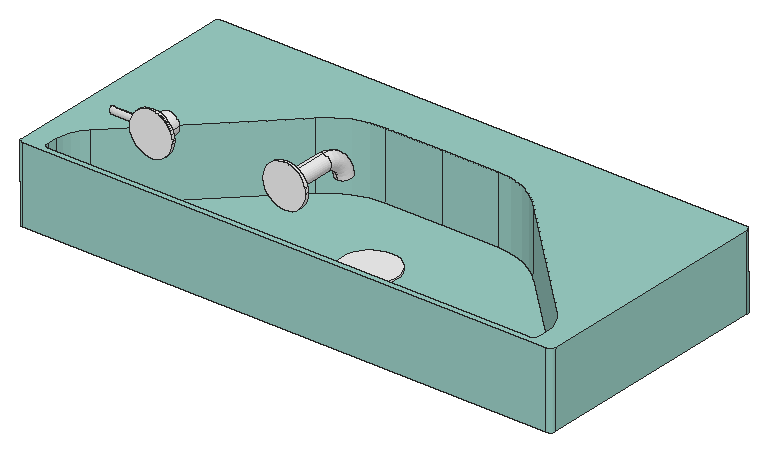
Revit family
Parameters (values of type "1000mm x 467mm")
  Robinetterie et tuyauterie = Métal - Chrome
  Manufacturer = ""
  Lavabos = Porcelaine - Bleue
  Hauteur = 800 mm
Reference planes
  plane 1 "Mur": y = 0
  plane 2 "Centre (gauche/droite)": x = 12.455
  plane 3 "Arrière": y = 75
  plane 4 "Plan de construction": z = 800
  plane 5: x = -487.545
  plane 6: x = 512.455
  plane 7: z = 1040
  plane 8: y = 275
  plane 9: x = -237.545
  plane 10: x = 262.455
Forms (mm)
  Extrusion 1, solid, material "Porcelaine - Bleue" <- "Lavabos"
    sketch origin (0, 0, 800) x (0, 1, 0) y (-1, 0, 0)
      loop
        line (75, 477.545) -> (75, -502.455)
        arc (75, -502.455) -> (77.929, -509.526) -> (85, -512.455) r 10
        line (85, -512.455) -> (531.985, -512.455)
        arc (531.985, -512.455) -> (539.056, -509.526) -> (541.985, -502.455) r 10
        line (541.985, -502.455) -> (541.985, 477.545)
        arc (541.985, 477.545) -> (539.056, 484.616) -> (531.985, 487.545) r 10
        line (531.985, 487.545) -> (85, 487.545)
        arc (85, 487.545) -> (77.929, 484.616) -> (75, 477.545) r 10
      loop
        line (85, 437.545) -> (85, -462.455)
        arc (85, -462.455) -> (87.929, -469.526) -> (95, -472.455) r 10
        line (95, -472.455) -> (113.934, -472.455)
        arc (113.934, -472.455) -> (142.635, -466.746) -> (166.967, -450.488) r 75
        line (166.967, -450.488) -> (400.98, -216.475)
        arc (400.98, -216.475) -> (431.328, -171.056) -> (441.985, -117.48) r 140
        line (441.985, -117.48) -> (441.985, -12.455) -> (441.985, 92.57)
        arc (441.985, 92.57) -> (431.328, 146.146) -> (400.98, 191.565) r 140
        line (400.98, 191.565) -> (166.967, 425.578)
        arc (166.967, 425.578) -> (142.635, 441.836) -> (113.934, 447.545) r 75
        line (113.934, 447.545) -> (95, 447.545)
        arc (95, 447.545) -> (87.929, 444.616) -> (85, 437.545) r 10
    from 0 to 140
  Extrusion 2, solid, material "Porcelaine - Bleue" <- "Lavabos"
    sketch origin (0, 0, 800) x (0, 1, 0) y (-1, 0, 0)
      loop
        line (538.131, 477.545) -> (85, 477.545) -> (85, -502.455) -> (538.131, -502.455) -> (538.131, 477.545)
    from 0 to 13.572
  Extrusion 3, solid, material "Métal - Chrome" <- "Robinetterie et tuyauterie"
    sketch origin (0, 0, 813.572) x (0, 1, 0) y (-1, 0, 0)
      loop
        circle (275, -12.455) r 50
    from 0 to 3
  Extrusion 4, solid, material "Métal - Chrome" <- "Robinetterie et tuyauterie"
    sketch origin (-5000, 75, 0) x (-1, 0, 0) y (0, 0, 1)
      loop
        circle (-5012.455, 1040) r 40
    from 0 to 5
  Sweep 5, solid, material "Métal - Chrome" <- "Robinetterie et tuyauterie"
    path origin (12.455, 0, 0) x (0, 1, 0) y (0, 0, 1)
      loop
        line (80, 1040) -> (165, 1040)
        arc (165, 1040) -> (197.121, 1028.383) -> (214.381, 998.908) r 50.217
    profile origin (12.455, 122.5, 1040) x (0, 0, 1) y (1, 0, 0)
      loop
        circle (0, 0) r 15
  Extrusion 6, solid, material "Métal - Chrome" <- "Robinetterie et tuyauterie"
    sketch origin (-5000, 75, 0) x (-1, 0, 0) y (0, 0, 1)
      loop
        circle (-4762.455, 1040) r 40
    from 0 to 5
  Extrusion 7, solid, material "Métal - Chrome" <- "Robinetterie et tuyauterie"
    sketch origin (-5000, 80, 0) x (-1, 0, 0) y (0, 0, 1)
      loop
        circle (-4762.455, 1040) r 20
    from 0 to 36.076
  Sweep 8, solid, material "Métal - Chrome" <- "Robinetterie et tuyauterie"
    path origin (-5000, 75, 0) x (-1, 0, 0) y (0, 0, 1)
      loop
        line (-4762.455, 1040) -> (-4672.455, 1040)
    profile origin (-282.545, 75, 1040) x (0, 0, 1) y (0, 1, 0)
      loop
        spline (-7.06, 20) -> (-6.819, 19.167) -> (-6.114, 18.391) -> (-4.992, 17.725) -> (-3.53, 17.213) -> (-1.827, 16.892) -> (0, 16.782) -> (1.827, 16.892) -> (3.53, 17.213) -> (4.992, 17.725) -> (6.114, 18.391) -> (6.819, 19.167) -> (7.06, 20)
        spline (7.06, 20) -> (6.819, 20.833) -> (6.114, 21.609) -> (4.992, 22.275) -> (3.53, 22.787) -> (1.827, 23.108) -> (0, 23.218) -> (-1.827, 23.108) -> (-3.53, 22.787) -> (-4.992, 22.275) -> (-6.114, 21.609) -> (-6.819, 20.833) -> (-7.06, 20)
Cuts and joins
  joined: Extrusion 6, Extrusion 7, Sweep 8
  joined: Extrusion 1, Extrusion 2
Lines and regions (mm)
  Masking region 1
    outline origin (0, 0, 800) x (0, 1, 0) y (-1, 0, 0)
      loop
        line (531.985, 487.545) -> (85, 487.545)
        arc (85, 487.545) -> (77.929, 484.616) -> (75, 477.545) r 10
        line (75, 477.545) -> (75, -502.455)
        arc (75, -502.455) -> (77.929, -509.526) -> (85, -512.455) r 10
        line (85, -512.455) -> (531.985, -512.455)
        arc (531.985, -512.455) -> (539.056, -509.526) -> (541.985, -502.455) r 10
        line (541.985, -502.455) -> (541.985, 477.545)
        arc (541.985, 477.545) -> (539.056, 484.616) -> (531.985, 487.545) r 10
  symbolic lines
    curve 1: arc (12.455, 325, 800) -> (-37.322, 279.713, 800) -> (3.071, 225.888, 800) r 50
    curve 2: arc (21.839, 225.888, 800) -> (62.232, 279.713, 800) -> (12.455, 325, 800) r 50
    curve 3: line (462.455, 85, 800) -> (27.455, 85, 800)
    curve 4: arc (-437.545, 85, 800) -> (-444.616, 87.929, 800) -> (-447.545, 95, 800) r 10
    curve 5: line (-447.545, 95, 800) -> (-447.545, 113.934, 800)
    curve 6: arc (-447.545, 113.934, 800) -> (-441.836, 142.635, 800) -> (-425.578, 166.967, 800) r 75
    curve 7: line (-425.578, 166.967, 800) -> (-191.565, 400.98, 800)
    curve 8: arc (-191.565, 400.98, 800) -> (-146.146, 431.328, 800) -> (-92.57, 441.985, 800) r 140
    curve 9: line (-92.57, 441.985, 800) -> (12.455, 441.985, 800)
    curve 10: line (12.455, 441.985, 800) -> (117.48, 441.985, 800)
    curve 11: arc (117.48, 441.985, 800) -> (171.056, 431.328, 800) -> (216.475, 400.98, 800) r 140
    curve 12: line (216.475, 400.98, 800) -> (450.488, 166.967, 800)
    curve 13: arc (450.488, 166.967, 800) -> (466.746, 142.635, 800) -> (472.455, 113.934, 800) r 75
    curve 14: line (472.455, 113.934, 800) -> (472.455, 95, 800)
    curve 15: arc (472.455, 95, 800) -> (469.526, 87.929, 800) -> (462.455, 85, 800) r 10
    curve 16: line (-327.545, 91.782, 800) -> (-327.545, 98.218, 800)
    curve 17: line (-257.545, 116.076, 800) -> (-217.545, 116.076, 800)
    curve 18: spline (-2.545, 214.381, 800) -> (-2.034, 218.199, 800) -> (-0.535, 221.756, 800) -> (1.848, 224.811, 800) -> (4.955, 227.155, 800) -> (8.573, 228.629, 800) -> (12.455, 229.131, 800) -> (16.337, 228.629, 800) -> (19.955, 227.155, 800) -> (23.062, 224.811, 800) -> (25.445, 221.756, 800) -> (26.944, 218.199, 800) -> (27.455, 214.381, 800)
    curve 19: line (-277.545, 80, 800) -> (-197.545, 80, 800)
    curve 20: line (-257.545, 116.076, 800) -> (-257.545, 80, 800)
    curve 21: line (-217.545, 116.076, 800) -> (-217.545, 80, 800)
    curve 22: line (-277.545, 80, 800) -> (-277.545, 75, 800)
    curve 23: line (-197.545, 80, 800) -> (-197.545, 75, 800)
    curve 24: line (-327.545, 98.218, 800) -> (-257.545, 98.218, 800)
    curve 25: line (-327.545, 91.782, 800) -> (-257.545, 91.782, 800)
    curve 26: line (-27.545, 80, 800) -> (52.455, 80, 800)
    curve 27: line (-27.545, 80, 800) -> (-27.545, 75, 800)
    curve 28: line (52.455, 80, 800) -> (52.455, 75, 800)
    curve 29: line (-2.545, 214.381, 800) -> (-2.545, 80, 800)
    curve 30: line (27.455, 214.381, 800) -> (27.455, 80, 800)
    curve 31: line (-2.545, 85, 800) -> (-217.545, 85, 800)
    curve 32: line (-257.545, 85, 800) -> (-437.545, 85, 800)
Text (mm)
  text "Côté de la mise en place" at (-1848.837, 1116.779, 0), in view "Niveau de réf."
  text "Côté de la mise en place" at (0, 1409.804, 2854.306), in view "Gauche"
  text "Côté de la mise en place" at (0, 499.811, 2980.732), in view "Droite"
Dimensions and locks
  locked: plane 3 "Arrière" to host wall
  equal spacing: plane 5, plane 2 "Centre (gauche/droite)", plane 6
  plane 5 to plane 6 = 1000 mm
  "Hauteur": level to plane 4 "Plan de construction"
  locked: plane 4 "Plan de construction" to plane 7 at 240
  equal spacing: plane 5, plane 9, plane 2 "Centre (gauche/droite)"
  equal spacing: plane 2 "Centre (gauche/droite)", plane 10, plane 6
  cut or joined group of Extrusion 1, Extrusion 2 to cut or joined group of Extrusion 1, Extrusion 2 = 466.985 mm
  aligned and locked: plane 1 "Mur" to host wall
  aligned and locked: Masking region 1 sketch curve to cut or joined group of Extrusion 1, Extrusion 2  (x4)
  aligned and locked: curve 1 to Extrusion 3
  aligned and locked: curve 2 to Extrusion 3
  aligned and locked: curve 3 to cut or joined group of Extrusion 1, Extrusion 2
  aligned and locked: curve 4 to cut or joined group of Extrusion 1, Extrusion 2
  aligned and locked: curve 5 to cut or joined group of Extrusion 1, Extrusion 2
  aligned and locked: curve 6 to cut or joined group of Extrusion 1, Extrusion 2
  aligned and locked: curve 7 to cut or joined group of Extrusion 1, Extrusion 2
  aligned and locked: curve 8 to cut or joined group of Extrusion 1, Extrusion 2
  aligned and locked: curve 9 to cut or joined group of Extrusion 1, Extrusion 2
  aligned and locked: curve 10 to cut or joined group of Extrusion 1, Extrusion 2
  aligned and locked: curve 11 to cut or joined group of Extrusion 1, Extrusion 2
  aligned and locked: curve 12 to cut or joined group of Extrusion 1, Extrusion 2
  aligned and locked: curve 13 to cut or joined group of Extrusion 1, Extrusion 2
  aligned and locked: curve 14 to cut or joined group of Extrusion 1, Extrusion 2
  aligned and locked: curve 15 to cut or joined group of Extrusion 1, Extrusion 2
  aligned and locked: curve 16 to cut or joined group of Extrusion 6, Extrusion 7, Sweep 8
  aligned and locked: curve 17 to cut or joined group of Extrusion 6, Extrusion 7, Sweep 8
  aligned and locked: curve 19 to cut or joined group of Extrusion 6, Extrusion 7, Sweep 8
  aligned and locked: curve 26 to Extrusion 4
Automatic sketch dimensions
  host wall to Extrusion 2 sketch curve = 10 mm
  plane 5 to Extrusion 2 sketch curve = 10 mm
  Extrusion 2 sketch curve to plane 8 = 263.131 mm
  Extrusion 2 sketch curve to plane 6 = 10 mm
  Extrusion 3 sketch curve to plane 2 "Centre (gauche/droite)" = 0 mm
  Extrusion 3 sketch curve to plane 8 = 0 mm
  Extrusion 4 sketch curve to plane 2 "Centre (gauche/droite)" = 0 mm
  Extrusion 4 sketch curve to plane 7 = 0 mm
  Sweep 5 sketch curve to plane 7 = 0 mm
  Sweep 5 sketch curve to plane 3 "Arrière" = 5 mm
  Sweep 5 sketch curve to plane 3 "Arrière" = 90 mm
  plane 7 to Sweep 5 sketch curve = 41.092 mm
  Sweep 5 sketch curve to Sweep 5 sketch curve = 49.381 mm
  Sweep 5 sketch curve to plane 2 "Centre (gauche/droite)" = 0 mm
  Sweep 5 sketch curve to profile plane = 0 mm
  Extrusion 6 sketch curve to plane 7 = 0 mm
  Extrusion 6 sketch curve to plane 9 = 0 mm
  Extrusion 7 sketch curve to plane 7 = 0 mm
  Extrusion 7 sketch curve to plane 9 = 0 mm
  Sweep 8 sketch curve to plane 7 = 0 mm
  Sweep 8 sketch curve to plane 9 = 0 mm
  Sweep 8 sketch curve to plane 9 = 90 mm
  Sweep 8 sketch curve to profile plane = 0 mm
  profile plane to Sweep 8 sketch curve = 20 mm
  Extrusion 1 sketch curve to host wall = 0 mm
  Extrusion 1 sketch curve to plane 6 = 0 mm
  Extrusion 1 sketch curve to plane 5 = 0 mm
  Extrusion 1 sketch curve to plane 2 "Centre (gauche/droite)" = 0 mm
  host wall to Extrusion 1 sketch curve = 10 mm  (x3)
  Extrusion 1 sketch curve to Extrusion 1 sketch curve = 10 mm  (x3)
  host wall to Extrusion 1 sketch curve = 38.934 mm
  Extrusion 1 sketch curve to Extrusion 1 sketch curve = 18.934 mm
  Extrusion 1 sketch curve to plane 6 = 61.967 mm
  Extrusion 1 sketch curve to Extrusion 1 sketch curve = 53.033 mm  (x3)
  plane 5 to Extrusion 1 sketch curve = 61.967 mm
  Extrusion 1 sketch curve to plane 8 = 26.985 mm  (x2)
  Extrusion 1 sketch curve to plane 10 = 45.98 mm
  Extrusion 1 sketch curve to plane 8 = 125.98 mm  (x2)
  plane 9 to Extrusion 1 sketch curve = 45.98 mm
  plane 2 "Centre (gauche/droite)" to Extrusion 1 sketch curve = 105.025 mm
  Extrusion 1 sketch curve to plane 8 = 256.985 mm  (x2)
  Extrusion 1 sketch curve to Extrusion 1 sketch curve = 30 mm
  curve 22 to host wall = 0 mm
  curve 23 to host wall = 0 mm
  curve 28 to host wall = 0 mm
  curve 27 to host wall = 0 mm
  curve 18 to plane 2 "Centre (gauche/droite)" = 0 mm
  curve 10 to plane 2 "Centre (gauche/droite)" = 0 mm
  host wall to curve 30 = 5 mm
  curve 30 to curve 3 = 5 mm
  curve 29 to curve 31 = 5 mm
  curve 20 to curve 25 = 11.782 mm
  curve 4 to curve 4 = 10 mm
  curve 3 to curve 15 = 10 mm
  curve 25 to curve 24 = 6.436 mm
  host wall to curve 13 = 38.934 mm
  curve 5 to curve 5 = 18.934 mm
  plane 5 to curve 7 = 61.967 mm
  curve 5 to curve 7 = 53.033 mm
  curve 12 to plane 6 = 61.967 mm
  curve 13 to curve 12 = 53.033 mm
  curve 18 to curve 2 = 60.619 mm
  curve 1 to plane 2 "Centre (gauche/droite)" = 9.384 mm
  curve 8 to plane 8 = 26.985 mm
  curve 11 to plane 8 = 26.985 mm
  plane 9 to curve 8 = 45.98 mm
  curve 8 to plane 8 = 125.98 mm
  curve 12 to plane 10 = 45.98 mm
  curve 12 to plane 8 = 125.98 mm
  plane 2 "Centre (gauche/droite)" to curve 11 = 105.025 mm
  curve 3 to plane 6 = 50 mm
  plane 2 "Centre (gauche/droite)" to curve 26 = 40 mm
  plane 2 "Centre (gauche/droite)" to curve 30 = 15 mm
  curve 29 to curve 27 = 25 mm
  plane 9 to curve 23 = 40 mm
  plane 9 to curve 17 = 20 mm
  curve 20 to plane 9 = 20 mm
  curve 20 to curve 22 = 20 mm
  curve 16 to curve 6 = 45 mm
  curve 20 to curve 32 = 5 mm
  radius of Extrusion 3 sketch curve = 50 mm
  radius of Extrusion 4 sketch curve = 40 mm
  radius of Sweep 5 sketch curve = 15 mm
  radius of Extrusion 6 sketch curve = 40 mm
  radius of Extrusion 7 sketch curve = 20 mm
